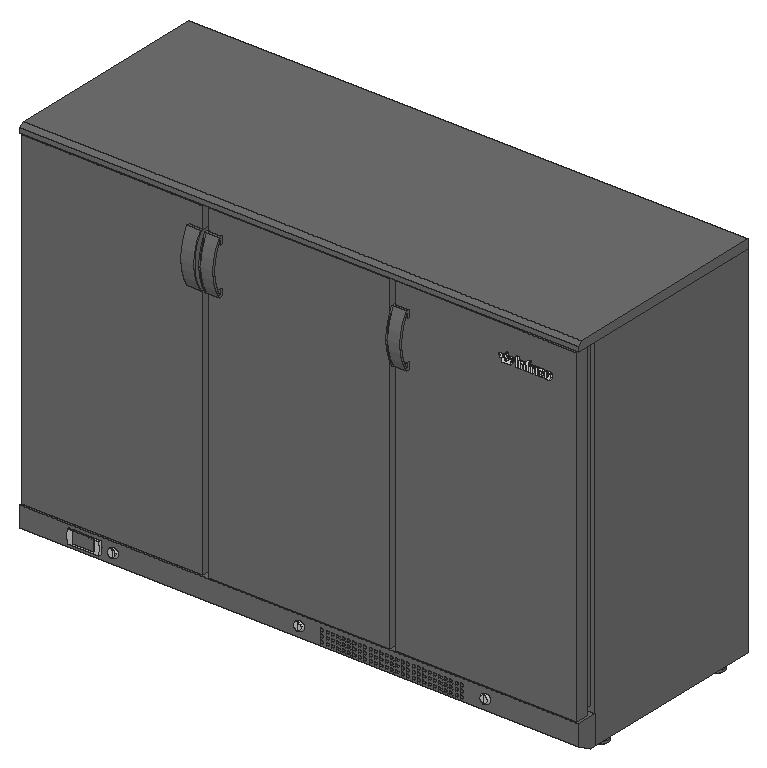
Revit family "QF_INFRICO_ERV35PP_250807091653", category Specialty Equipment, Revit 2021
Family settings
  Round Connector Dimension = Use Diameter
  Part Type = Normal
  OmniClass Number = 23.40.40.14
  OmniClass Title = Food Service Equipment
  Work Plane-Based = No
  Always vertical = Yes
  Cut with Voids When Loaded = No
  Shared = No
  Room Calculation Point = No
Parameters (values of type "ERV35PP")
  Weight [instance] = 116.002 kg
  Warranty Start Date [instance] = ""
  Warranty Duration [instance] = ""
  Volts [instance] = 230 V
  Volt Free Conn [instance] = no
  URL Recommended Spares List [instance] = ""
  URL Manufacturer [instance] = ""
  URL Cutsheet [instance] = ""
  URL Critical Spares List [instance] = ""
  URL = "www.infrico.com"
  Technical Documentation [instance] = ""
  Tag Number [instance] = ""
  Status [instance] = ""
  Start Up Current [instance] = 0 A
  Specification by User [instance] = ""
  Specification by Manufacturer [instance] = ""
  Sound Level [instance] = ""
  Show Logo [instance] = yes
  Show Clearances [instance] = yes
  Service Life Duration [instance] = ""
  Serial Number [instance] = ""
  Seismic Rating [instance] = ""
  SMACNA No [instance] = ""
  Revision Code [instance] = ""
  Revision [instance] = ""
  Production Year [instance] = ""
  Potential Equalisation [instance] = no
  Point Load [instance] = 0
  Phase [instance] = 1
  Other Equipment Approvals [instance] = ""
  Operational Current [instance] = 0 A
  Number of Poles [instance] = 2
  No Load Power Draw [instance] = no
  NAFEM Spec ID Number [instance] = ""
  Model Warning [instance] = ""
  Model = "ERV35PP"
  Min Ckt Ampacity [instance] = 0 A
  Max Overcurrent Protection [instance] = 0 A
  Masterspec [instance] = ""
  Manufacturer = "INFRICO"
  Main switch integrated [instance] = no
  Length Actual [instance] = 1350.01 mm
  Item Number [instance] = ""
  Installed By [instance] = ""
  Installation Date [instance] = ""
  Identify Quantity as Lot [instance] = no
  ID [instance] = ""
  Hygiene Approval [instance] = ""
  Height Actual [instance] = 919.988 mm
  HP power [instance] = ""
  Furnished By [instance] = ""
  Foodservice Equipment Identifier [instance] = no
  FL Amps [instance] = 0 A
  Electrical Remarks [instance] = ""
  Electric power [instance] = 260 W
  Electric Connection Type [instance] = ""
  Elec Conn RI Height [instance] = 0 mm
  Elec Conn Connection Height [instance] = 0 mm
  ETL Approved [instance] = no
  Description = "BACK-BAR 920 MM HEIGHT - THREE DOORS - R290"
  Depth Actual [instance] = 510.032 mm
  Default Elevation = 0 mm
  Cycle [instance] = 50 Hz
  Cost = 0
  Connection to energy optimisation system [instance] = yes
  Conn Plug [instance] = ""
  Conn Conduit [instance] = no
  Centralized building control system with digital interface [instance] = ""
  CSI MasterFormat [instance] = ""
  CE Approved [instance] = no
  Barcode [instance] = 0
  Author [instance] = ""
  Asset Identifier [instance] = ""
  Apparent Power [instance] = 260 VA
  Accessory [instance] = no
Reference planes
  plane 1 "Center (Front/Back)": y = 0
  plane 2: z = 0
  plane 3 "Center (Left/Right)": x = 0
Forms (mm)
  Extrusion 1, solid, not visible
    sketch origin (670.033, -2, 35.002) x (1, 0, 0) y (0, 1, 0)
      loop
        line (-2, 2) -> (-2, -2) -> (2, -2) -> (2, 2) -> (-2, 2)
    from -2 to 2
Dimensions and locks
  locked: Extrusion 1 to nested 2
  locked: nested 2 to Extrusion 1 at 2
  aligned and locked: level to plane 2
Nested families
  nested 1: "QF_INFRICO_ERV35PP_2920" at (0, 0, 0), type "ERV35PP"
    with Weight 116.002 kg, Warranty Start Date "", Warranty Duration "", URL Cutsheet "", Technical Documentation "", Tag Number "", Status "", Specification by User "", Specification by Manufacturer "", Sound Level "", Solid Fuel Type "", Show Logo yes, Show Clearances yes, Show Clearance yes, Service Life Duration "", Serial Number "", Seismic Rating "", SMACNA No "", Revision Code "", Revision "", Production Year "", Point Load 0, Other Equipment Approvals "", NAFEM Spec ID Number "", Model Warning "", Masterspec "", Length Actual 1350.01 mm, Item Number "", Installed By "", Installation Date "", Identify Quantity as Lot yes, ID "", Hygiene Approval "", Height Actual 919.988 mm, Furnished By "", Foodservice Equipment Identifier yes, ETL Approved yes, Depth Actual 510.032 mm, CSI MasterFormat "", CE Approved no, Barcode "", Author "", Asset Identifier "", Accessory no
  nested 2: "CONN_POINT_ELE_2D___Generic_Annotation" at (670.033, 0, 35.002), type "CONN_POINT_ELE_2D___Generic_Annotation"
    with Onboard connection annotation symbol visibility yes
Connectors
  electrical at (670.033, 0, 35.002), driven by "Apparent Power", driven by "Number of Poles", driven by "Volts"
    settings: on Extrusion 1, index 1, voltage 230 V, apparent load 0 VA, apparent load phase1 260 VA, apparent load phase2 0 VA, apparent load phase3 0 VA, power factor 1, load classification "Other", number of poles 2, system type 31, power factor state 1, is connector primary yes, connector utility no, sub classification motor no, connector description "Electrical connection for ERV35PP"
Definition of nested family "QF_INFRICO_ERV35PP_2920"
  Parameters (values of type "ERV35PP")
    Weight [instance] = 0.00 kg
    Warranty Start Date [instance] = ""
    Warranty Duration [instance] = ""
    URL Cutsheet [instance] = ""
    URL = "www.infrico.com"
    Technical Documentation [instance] = ""
    Tag Number [instance] = ""
    Status [instance] = ""
    Specification by User [instance] = ""
    Specification by Manufacturer [instance] = ""
    Sound Level [instance] = ""
    Solid Fuel Type [instance] = ""
    Show Logo [instance] = yes
    Show Clearances [instance] = yes
    Show Clearance [instance] = yes
    Service Life Duration [instance] = ""
    Serial Number [instance] = ""
    Seismic Rating [instance] = ""
    SMACNA No [instance] = ""
    Revision Code [instance] = ""
    Revision [instance] = ""
    Production Year [instance] = ""
    Point Load [instance] = 0
    Other Equipment Approvals [instance] = ""
    NAFEM Spec ID Number [instance] = ""
    Model Warning [instance] = ""
    Model = "ERV35PP"
    Masterspec [instance] = ""
    Manufacturer = "INFRICO"
    Length Actual [instance] = 0 mm
    Item Number [instance] = ""
    Installed By [instance] = ""
    Installation Date [instance] = ""
    Identify Quantity as Lot [instance] = yes
    ID [instance] = ""
    Hygiene Approval [instance] = ""
    Height Actual [instance] = 0 mm
    Furnished By [instance] = ""
    Foodservice Equipment Identifier [instance] = yes
    ETL Approved [instance] = yes
    Description = "BACK-BAR 920 MM HEIGHT - THREE DOORS - R290"
    Depth Actual [instance] = 0 mm
    Default Elevation = 0 mm
    CSI MasterFormat [instance] = ""
    CE Approved [instance] = yes
    Barcode [instance] = ""
    Author [instance] = ""
    Asset Identifier [instance] = ""
    Assembly Code = "E1090320"
    Accessory [instance] = yes
  Reference planes
    plane 1 "Back": y = 0
    plane 2: z = 0
    plane 3 "Left": x = 0
    plane 4 "Right": x = 1350
    plane 5 "Front": y = -510
    plane 6 "Top": z = 920
  Forms (mm)
    Extrusion 1, solid
      sketch origin (0, 0, -18) x (0, 1, 0) y (0, 0, 1)
        loop
          line (0, 905) -> (-460, 905) -> (-460, 30) -> (0, 30) -> (0, 905)
      from 0 to 30
    Extrusion 2, solid
      sketch origin (0, 0, -13) x (0, 1, 0) y (0, 0, 1)
        loop
          line (0, 900) -> (0, 920) -> (-500, 920) -> (-510, 910) -> (-510, 900) -> (0, 900)
      from 0 to 1350
    Extrusion 3, solid
      sketch origin (1320, 0, -18) x (0, 1, 0) y (0, 0, 1)
        loop
          line (0, 905) -> (-460, 905) -> (-460, 30) -> (0, 30) -> (0, 905)
      from 0 to 30
    Extrusion 4, solid
      sketch origin (0, 0, -13) x (1, 0, 0) y (0, 0, 1)
        loop
          line (30, 900) -> (30, 254) -> (1320, 254) -> (1320, 900) -> (30, 900)
      from 0 to 12
    Extrusion 5, solid
      sketch origin (0, 0, -13) x (1, 0, 0) y (0, 0, 1)
        loop
          line (30, 254) -> (30, 25) -> (1320, 25) -> (1320, 254) -> (30, 254)
      from 0 to 12
    Extrusion 6, solid
      sketch origin (0, 0, -13) x (0, 1, 0) y (0, 0, 1)
        loop
          line (-12, 25) -> (-12, 35) -> (-460, 35) -> (-460, 25) -> (-12, 25)
      from 30 to 1320
    Extrusion 7, solid
      sketch origin (0, 0, -112) x (0, 1, 0) y (0, 0, 1)
        loop
          line (-460, 144) -> (-510, 144) -> (-473, 124) -> (-460, 124) -> (-460, 144)
      from 0 to 1350
    Extrusion 8, solid
      sketch origin (-856, -515, -482) x (1, 0, 0) y (0, 0, -1)
        loop
          arc (974, -555) -> (1012.5, -557) -> (1051, -555) r 371.563
          arc (1051, -555) -> (1052, -539) -> (1051, -523) r 128.5
          arc (1051, -523) -> (1012.5, -521) -> (974, -523) r 371.563
          arc (974, -523) -> (973, -539) -> (974, -555) r 128.5
      from 0 to 5
    Extrusion 9, solid
      sketch origin (-856, -515.1, -482) x (1, 0, 0) y (0, 0, -1)
        loop
          line (1038, -528.124) -> (987, -528.124) -> (987, -556.124)
          arc (987, -556.124) -> (1012.5, -557) -> (1038, -556.124) r 371.563
          line (1038, -556.124) -> (1038, -528.124)
      from 0 to 2
    Extrusion 10, solid
      sketch origin (451, -480, -13) x (1, 0, 0) y (0, 0, 1)
        loop
          line (5, 897.5) -> (5, 97.5) -> (443, 97.5) -> (443, 897.5) -> (5, 897.5)
      from 0 to 30
    Extrusion 11, solid
      sketch origin (-549, -460, -13) x (1, 0, 0) y (0, 0, 1)
        loop
          line (1015, 887.5) -> (1015, 107.5) -> (1433, 107.5) -> (1433, 887.5) -> (1015, 887.5)
        loop
          line (1037, 865.5) -> (1037, 129.5) -> (1411, 129.5) -> (1411, 865.5) -> (1037, 865.5)
      from 0 to 20
    Extrusion 12, solid, visible <- "Show Logo"
      sketch origin (-3.231, -510, 106.214) x (1, 0, 0) y (0, 0, 1)
        loop
          line (1208.799, 696.53) -> (1208.799, 719.204) -> (1204.173, 719.204) -> (1204.173, 696.53) -> (1208.799, 696.53)
        loop
          line (1214.779, 713.006) -> (1211.283, 713.006) -> (1211.283, 696.53) -> (1215.772, 696.53) -> (1215.772, 707.832)
          arc (1215.772, 707.832) -> (1217.528, 708.741) -> (1219.417, 709.324) r 11.052
          arc (1219.417, 709.324) -> (1220.929, 708.961) -> (1221.598, 707.557) r 1.806
          line (1221.598, 707.557) -> (1221.598, 696.53) -> (1226.121, 696.53) -> (1226.121, 708.689)
          arc (1226.121, 708.689) -> (1224.637, 712.075) -> (1221.141, 713.281) r 4.607
          arc (1221.141, 713.281) -> (1218.282, 712.674) -> (1215.669, 711.361) r 11.435
          line (1215.669, 711.361) -> (1215.601, 712.184)
          arc (1215.601, 712.184) -> (1215.36, 712.765) -> (1214.779, 713.006) r 0.822
        loop
          line (1238.557, 720.102) -> (1237.306, 720.102)
          arc (1237.306, 720.102) -> (1235.052, 719.926) -> (1232.881, 719.297) r 11.103
          arc (1232.881, 719.297) -> (1230.805, 717.616) -> (1230.024, 715.062) r 4.567
          line (1230.024, 715.062) -> (1230.024, 712.909) -> (1227.351, 712.703) -> (1227.351, 709.374) -> (1230.024, 709.374) -> (1230.024, 696.53) -> (1234.547, 696.53) -> (1234.547, 709.374) -> (1238.249, 709.374) -> (1238.249, 712.938) -> (1234.547, 712.938) -> (1234.547, 714.548)
          arc (1234.547, 714.548) -> (1234.956, 715.705) -> (1236.045, 716.271) r 1.67
          line (1236.045, 716.271) -> (1237.7, 716.399)
          arc (1237.7, 716.399) -> (1238.306, 716.65) -> (1238.557, 717.255) r 0.857
          line (1238.557, 717.255) -> (1238.557, 720.102)
        loop
          line (1239.479, 713.006) -> (1239.479, 696.53) -> (1243.968, 696.53) -> (1243.968, 707.352)
          arc (1243.968, 707.352) -> (1245.873, 708.631) -> (1248.077, 709.268) r 7.435
          line (1248.077, 709.268) -> (1249.241, 709.416)
          arc (1249.241, 709.416) -> (1249.643, 709.758) -> (1249.793, 710.265) r 0.928
          line (1249.793, 710.265) -> (1249.793, 712.458)
          arc (1249.793, 712.458) -> (1249.531, 713.061) -> (1248.912, 713.28) r 0.824
          arc (1248.912, 713.28) -> (1246.197, 712.588) -> (1243.899, 710.984) r 7.833
          line (1243.899, 710.984) -> (1243.726, 713.006) -> (1239.479, 713.006)
        loop
          line (1255.495, 696.53) -> (1255.495, 713.006) -> (1251.006, 713.006) -> (1251.006, 696.53) -> (1255.495, 696.53)
        loop
          arc (1257.421, 701.327) -> (1258.567, 698.188) -> (1261.466, 696.525) r 4.873
          arc (1261.466, 696.525) -> (1264.493, 696.266) -> (1267.521, 696.525) r 17.816
          arc (1267.521, 696.525) -> (1270.575, 699.134) -> (1271.505, 703.041) r 6.481
          line (1271.505, 703.041) -> (1267.187, 703.041) -> (1267.187, 701.67)
          arc (1267.187, 701.67) -> (1266.64, 700.452) -> (1265.442, 699.865) r 1.965
          arc (1265.442, 699.865) -> (1264.547, 699.816) -> (1263.653, 699.865) r 8.196
          arc (1263.653, 699.865) -> (1262.417, 700.415) -> (1261.91, 701.67) r 1.806
          line (1261.91, 701.67) -> (1261.91, 707.9)
          arc (1261.91, 707.9) -> (1262.417, 709.155) -> (1263.653, 709.705) r 1.806
          arc (1263.653, 709.705) -> (1264.547, 709.754) -> (1265.442, 709.705) r 8.196
          arc (1265.442, 709.705) -> (1266.64, 709.118) -> (1267.187, 707.9) r 1.965
          line (1267.187, 707.9) -> (1267.187, 706.838) -> (1271.505, 706.838)
          arc (1271.505, 706.838) -> (1270.524, 710.556) -> (1267.521, 712.959) r 6.132
          arc (1267.521, 712.959) -> (1264.493, 713.294) -> (1261.466, 712.959) r 13.851
          arc (1261.466, 712.959) -> (1258.571, 711.349) -> (1257.421, 708.243) r 4.772
          line (1257.421, 708.243) -> (1257.421, 701.327)
        loop
          arc (1272.916, 701.329) -> (1273.993, 698.345) -> (1276.726, 696.734) r 4.676
          arc (1276.726, 696.734) -> (1278.515, 696.455) -> (1280.318, 696.291) r 28.371
          arc (1280.318, 696.291) -> (1282.122, 696.455) -> (1283.911, 696.734) r 28.371
          arc (1283.911, 696.734) -> (1286.644, 698.345) -> (1287.72, 701.329) r 4.676
          line (1287.72, 701.329) -> (1287.72, 708.242)
          arc (1287.72, 708.242) -> (1286.644, 711.226) -> (1283.911, 712.837) r 4.676
          arc (1283.911, 712.837) -> (1282.122, 713.116) -> (1280.318, 713.28) r 28.371
          arc (1280.318, 713.28) -> (1278.515, 713.116) -> (1276.726, 712.837) r 28.371
          arc (1276.726, 712.837) -> (1273.993, 711.226) -> (1272.916, 708.242) r 4.676
          line (1272.916, 708.242) -> (1272.916, 701.329)
        loop
          line (1277.405, 707.866) -> (1277.405, 701.705)
          arc (1277.405, 701.705) -> (1277.844, 700.556) -> (1278.936, 699.991) r 1.725
          arc (1278.936, 699.991) -> (1279.627, 699.918) -> (1280.318, 699.856) r 46.133
          arc (1280.318, 699.856) -> (1281.01, 699.918) -> (1281.701, 699.991) r 46.133
          arc (1281.701, 699.991) -> (1282.793, 700.556) -> (1283.231, 701.705) r 1.725
          line (1283.231, 701.705) -> (1283.231, 707.866)
          arc (1283.231, 707.866) -> (1282.793, 709.015) -> (1281.701, 709.58) r 1.725
          arc (1281.701, 709.58) -> (1281.01, 709.653) -> (1280.318, 709.716) r 46.133
          arc (1280.318, 709.716) -> (1279.627, 709.653) -> (1278.936, 709.58) r 46.133
          arc (1278.936, 709.58) -> (1277.844, 709.015) -> (1277.405, 707.866) r 1.725
        loop
          arc (1190.339, 696.543) -> (1191.411, 696.987) -> (1191.856, 698.059) r 1.516
          line (1191.856, 698.059) -> (1191.856, 703.891) -> (1196.035, 703.891)
          arc (1196.035, 703.891) -> (1196.79, 704.121) -> (1197.218, 704.782) r 1.147
          line (1197.218, 704.782) -> (1197.218, 706.211)
          arc (1197.218, 706.211) -> (1196.787, 707.258) -> (1195.719, 707.634) r 1.385
          line (1195.719, 707.634) -> (1194.52, 707.634) -> (1197.218, 710.332)
          arc (1197.218, 710.332) -> (1197.605, 711.266) -> (1197.218, 712.2) r 1.321
          line (1197.218, 712.2) -> (1196.495, 712.923)
          arc (1196.495, 712.923) -> (1195.54, 713.338) -> (1194.558, 712.991) r 1.422
          line (1194.558, 712.991) -> (1191.853, 710.286) -> (1191.853, 711.479)
          arc (1191.853, 711.479) -> (1191.443, 712.516) -> (1190.435, 712.992) r 1.516
          line (1190.435, 712.992) -> (1189.514, 712.992)
          arc (1189.514, 712.992) -> (1188.511, 712.514) -> (1188.103, 711.479) r 1.516
          line (1188.103, 711.479) -> (1188.103, 706.83) -> (1182.073, 701.336) -> (1182.073, 707.509) -> (1185.639, 711.075)
          arc (1185.639, 711.075) -> (1186.053, 712.073) -> (1185.639, 713.071) r 1.412
          line (1185.639, 713.071) -> (1184.987, 713.723)
          arc (1184.987, 713.723) -> (1183.939, 714.141) -> (1182.915, 713.667) r 1.428
          line (1182.915, 713.667) -> (1182.073, 712.825) -> (1182.073, 717.784)
          arc (1182.073, 717.784) -> (1181.658, 718.787) -> (1180.655, 719.203) r 1.418
          line (1180.655, 719.203) -> (1179.726, 719.203)
          arc (1179.726, 719.203) -> (1178.723, 718.787) -> (1178.308, 717.784) r 1.418
          line (1178.308, 717.784) -> (1178.308, 712.825) -> (1177.466, 713.667)
          arc (1177.466, 713.667) -> (1176.442, 714.141) -> (1175.394, 713.723) r 1.428
          line (1175.394, 713.723) -> (1174.742, 713.071)
          arc (1174.742, 713.071) -> (1174.328, 712.073) -> (1174.742, 711.075) r 1.412
          line (1174.742, 711.075) -> (1178.308, 707.509) -> (1178.308, 701.336) -> (1172.278, 706.83) -> (1172.278, 711.479)
          arc (1172.278, 711.479) -> (1171.87, 712.514) -> (1170.867, 712.992) r 1.516
          line (1170.867, 712.992) -> (1169.946, 712.992)
          arc (1169.946, 712.992) -> (1168.938, 712.516) -> (1168.528, 711.479) r 1.516
          line (1168.528, 711.479) -> (1168.528, 710.286) -> (1165.823, 712.991)
          arc (1165.823, 712.991) -> (1164.841, 713.338) -> (1163.886, 712.923) r 1.422
          line (1163.886, 712.923) -> (1163.163, 712.2)
          arc (1163.163, 712.2) -> (1162.776, 711.266) -> (1163.163, 710.332) r 1.321
          line (1163.163, 710.332) -> (1165.861, 707.634) -> (1164.662, 707.634)
          arc (1164.662, 707.634) -> (1163.594, 707.258) -> (1163.163, 706.211) r 1.385
          line (1163.163, 706.211) -> (1163.163, 704.782)
          arc (1163.163, 704.782) -> (1163.591, 704.121) -> (1164.346, 703.891) r 1.147
          line (1164.346, 703.891) -> (1168.525, 703.891) -> (1168.525, 698.059)
          arc (1168.525, 698.059) -> (1168.969, 696.987) -> (1170.042, 696.543) r 1.516
          line (1170.042, 696.543) -> (1190.339, 696.543)
      from 0 to 2
    Extrusion 13, solid
      sketch origin (-549, -510, -63) x (1, 0, 0) y (0, 0, 1)
        loop
          line (1005, 897.5) -> (1005, 895.5) -> (1037, 880.5) -> (1037, 897.5) -> (1005, 897.5)
      from 0 to 3
    Extrusion 14, solid
      sketch origin (-549, -510, 1602) x (1, 0, 0) y (0, 0, 1)
        loop
          line (1005, -897.5) -> (1037, -897.5) -> (1037, -880.5) -> (1005, -895.5) -> (1005, -897.5)
      from 0 to 3
    Extrusion 15, solid
      sketch origin (-549, 0, -13) x (0, 1, 0) y (0, 0, 1)
        loop
          line (-513, 845.5) -> (-513, 847.5) -> (-518.104, 847.5)
          arc (-518.104, 847.5) -> (-537.038, 782.5) -> (-518.104, 717.5) r 121.038
          line (-518.104, 717.5) -> (-513, 717.5) -> (-513, 719.5) -> (-517, 719.5)
          arc (-517, 719.5) -> (-535.038, 782.5) -> (-517, 845.5) r 119.038
          line (-517, 845.5) -> (-513, 845.5)
      from 1005 to 1037
    Extrusion 16, solid
      sketch origin (-549, 0, 584.5) x (1, 0, 0) y (0, 1, 0)
        loop
          line (1005, -513) -> (1005, -487) -> (1002, -490) -> (1002, -513) -> (1005, -513)
      from 120 to 250
    Extrusion 17, solid
      sketch origin (-549, 0, -13) x (0, 1, 0) y (0, 0, 1)
        loop
          line (-513, 847.5) -> (-518.104, 847.5)
          arc (-518.104, 847.5) -> (-537.038, 782.5) -> (-518.104, 717.5) r 121.038
          line (-518.104, 717.5) -> (-513, 717.5) -> (-513, 847.5)
      from 1002 to 1005
    Revolve 18, solid
      sketch origin (15, -70, 0) x (0, 1, 0) y (0, 0, 1)
        loop
          line (0, 0) -> (0, 12) -> (-5, 12) -> (-5, 9.5) -> (-13, 9.5)
          arc (-13, 9.5) -> (-14.414, 8.914) -> (-15, 7.5) r 2
          line (-15, 7.5) -> (-15, 2.5) -> (-12, 2.5) -> (-12, 0) -> (0, 0)
        axis (0, 0) -> (0, 12)
      angle from 0 to 360
    Revolve 19, solid
      sketch origin (15, -420, 0) x (0, 1, 0) y (0, 0, 1)
        loop
          line (0, 0) -> (0, 12) -> (-5, 12) -> (-5, 9.5) -> (-13, 9.5)
          arc (-13, 9.5) -> (-14.414, 8.914) -> (-15, 7.5) r 2
          line (-15, 7.5) -> (-15, 2.5) -> (-12, 2.5) -> (-12, 0) -> (0, 0)
        axis (0, 0) -> (0, 12)
      angle from 0 to 360
    Revolve 20, solid
      sketch origin (1335, -70, 0) x (0, 1, 0) y (0, 0, 1)
        loop
          line (0, 0) -> (0, 12) -> (-5, 12) -> (-5, 9.5) -> (-13, 9.5)
          arc (-13, 9.5) -> (-14.414, 8.914) -> (-15, 7.5) r 2
          line (-15, 7.5) -> (-15, 2.5) -> (-12, 2.5) -> (-12, 0) -> (0, 0)
        axis (0, 0) -> (0, 12)
      angle from 0 to 360
    Revolve 21, solid
      sketch origin (1335, -420, 0) x (0, 1, 0) y (0, 0, 1)
        loop
          line (0, 0) -> (0, 12) -> (-5, 12) -> (-5, 9.5) -> (-13, 9.5)
          arc (-13, 9.5) -> (-14.414, 8.914) -> (-15, 7.5) r 2
          line (-15, 7.5) -> (-15, 2.5) -> (-12, 2.5) -> (-12, 0) -> (0, 0)
        axis (0, 0) -> (0, 12)
      angle from 0 to 360
    Revolve 22, solid
      sketch origin (225, 0, 13.5) x (0, 1, 0) y (0, 0, 1)
        loop
          line (-515, 34.5) -> (-510, 32) -> (-510, 43.5) -> (-515, 43.5) -> (-515, 34.5)
        axis (-510, 43.5) -> (-515, 43.5)
      angle from 0 to 360
    Revolve 23, solid
      sketch origin (675, 0, 13.5) x (0, 1, 0) y (0, 0, -1)
        loop
          line (-515, -34.5) -> (-515, -43.5) -> (-510, -43.5) -> (-510, -32) -> (-515, -34.5)
        axis (-510, -43.5) -> (-515, -43.5)
      angle from 0 to 360
    Extrusion 24, solid
      sketch origin (0, 0, 0) x (0, 1, 0) y (0, 0, 1)
        loop
          line (-460, 887) -> (-460, 837) -> (-458, 837) -> (-458, 887) -> (-460, 887)
      from 30 to 1320
    Extrusion 25, solid
      sketch origin (0, 0, -815) x (0, 1, 0) y (0, 0, 1)
        loop
          line (-460, 947) -> (-460, 837) -> (-458, 837) -> (-458, 947) -> (-460, 947)
      from 30 to 1320
    Extrusion 26, solid
      sketch origin (-413, 0, 1312) x (1, 0, 0) y (0, 1, 0)
        loop
          line (887, -460) -> (887, -458) -> (837, -458) -> (837, -460) -> (887, -460)
      from -1180 to -475
    Extrusion 27, solid
      sketch origin (447, -480, -13) x (-1, 0, 0) y (0, 0, -1)
        loop
          line (5, -897.5) -> (443, -897.5) -> (443, -97.5) -> (5, -97.5) -> (5, -897.5)
      from 0 to 30
    Extrusion 28, solid
      sketch origin (1447, -460, -13) x (-1, 0, 0) y (0, 0, -1)
        loop
          line (1015, -887.5) -> (1433, -887.5) -> (1433, -107.5) -> (1015, -107.5) -> (1015, -887.5)
        loop
          line (1037, -865.5) -> (1411, -865.5) -> (1411, -129.5) -> (1037, -129.5) -> (1037, -865.5)
      from 0 to 20
    Extrusion 29, solid
      sketch origin (1447, -510, -63) x (-1, 0, 0) y (0, 0, -1)
        loop
          line (1005, -897.5) -> (1037, -897.5) -> (1037, -880.5) -> (1005, -895.5) -> (1005, -897.5)
      from 0 to 3
    Extrusion 30, solid
      sketch origin (1447, -510, 1602) x (-1, 0, 0) y (0, 0, -1)
        loop
          line (1005, 897.5) -> (1005, 895.5) -> (1037, 880.5) -> (1037, 897.5) -> (1005, 897.5)
      from 0 to 3
    Extrusion 31, solid
      sketch origin (1447, 0, -13) x (0, 1, 0) y (0, 0, -1)
        loop
          line (-513, -845.5) -> (-517, -845.5)
          arc (-517, -845.5) -> (-535.038, -782.5) -> (-517, -719.5) r 119.038
          line (-517, -719.5) -> (-513, -719.5) -> (-513, -717.5) -> (-518.104, -717.5)
          arc (-518.104, -717.5) -> (-537.038, -782.5) -> (-518.104, -847.5) r 121.038
          line (-518.104, -847.5) -> (-513, -847.5) -> (-513, -845.5)
      from 1005 to 1037
    Extrusion 32, solid
      sketch origin (1447, 0, 584.5) x (-1, 0, 0) y (0, -1, 0)
        loop
          line (1005, 513) -> (1002, 513) -> (1002, 490) -> (1005, 487) -> (1005, 513)
      from 120 to 250
    Extrusion 33, solid
      sketch origin (1447, 0, -13) x (0, 1, 0) y (0, 0, -1)
        loop
          line (-513, -847.5) -> (-513, -717.5) -> (-518.104, -717.5)
          arc (-518.104, -717.5) -> (-537.038, -782.5) -> (-518.104, -847.5) r 121.038
          line (-518.104, -847.5) -> (-513, -847.5)
      from 1002 to 1005
    Extrusion 34, solid, visible <- "Show Clearance", detail levels coarse
      sketch origin (-1, 0, 0) x (1, 0, 0) y (0, 1, 0)
        loop
          line (5, -510) -> (5, -918) -> (35, -918)
          arc (35, -918) -> (323.5, -798.5) -> (443, -510) r 408
          line (443, -510) -> (5, -510)
      from 84.5 to 884.5
    Extrusion 35, solid, visible <- "Show Clearance", detail levels coarse
      sketch origin (899, 0, 0) x (-1, 0, 0) y (0, -1, 0)
        loop
          line (5, 510) -> (443, 510)
          arc (443, 510) -> (323.5, 798.5) -> (35, 918) r 408
          line (35, 918) -> (5, 918) -> (5, 510)
      from 84.5 to 884.5
    Revolve 36, solid
      sketch origin (1125, 0, 13.5) x (0, 1, 0) y (0, 0, -1)
        loop
          line (-515, -34.5) -> (-515, -43.5) -> (-510, -43.5) -> (-510, -32) -> (-515, -34.5)
        axis (-510, -43.5) -> (-515, -43.5)
      angle from 0 to 360
    Extrusion 37, solid
      sketch origin (903, -480, -13) x (1, 0, 0) y (0, 0, 1)
        loop
          line (5, 897.5) -> (5, 97.5) -> (443, 97.5) -> (443, 897.5) -> (5, 897.5)
      from 0 to 30
    Extrusion 38, solid
      sketch origin (-97, -460, -13) x (1, 0, 0) y (0, 0, 1)
        loop
          line (1015, 887.5) -> (1015, 107.5) -> (1433, 107.5) -> (1433, 887.5) -> (1015, 887.5)
        loop
          line (1037, 865.5) -> (1037, 129.5) -> (1411, 129.5) -> (1411, 865.5) -> (1037, 865.5)
      from 0 to 20
    Extrusion 39, solid
      sketch origin (-97, -510, -63) x (1, 0, 0) y (0, 0, 1)
        loop
          line (1005, 897.5) -> (1005, 895.5) -> (1037, 880.5) -> (1037, 897.5) -> (1005, 897.5)
      from 0 to 3
    Extrusion 40, solid
      sketch origin (-97, -510, 1602) x (1, 0, 0) y (0, 0, 1)
        loop
          line (1005, -897.5) -> (1037, -897.5) -> (1037, -880.5) -> (1005, -895.5) -> (1005, -897.5)
      from 0 to 3
    Extrusion 41, solid
      sketch origin (-97, 0, -13) x (0, 1, 0) y (0, 0, 1)
        loop
          line (-513, 845.5) -> (-513, 847.5) -> (-518.104, 847.5)
          arc (-518.104, 847.5) -> (-537.038, 782.5) -> (-518.104, 717.5) r 121.038
          line (-518.104, 717.5) -> (-513, 717.5) -> (-513, 719.5) -> (-517, 719.5)
          arc (-517, 719.5) -> (-535.038, 782.5) -> (-517, 845.5) r 119.038
          line (-517, 845.5) -> (-513, 845.5)
      from 1005 to 1037
    Extrusion 42, solid
      sketch origin (-97, 0, 584.5) x (1, 0, 0) y (0, 1, 0)
        loop
          line (1005, -513) -> (1005, -487) -> (1002, -490) -> (1002, -513) -> (1005, -513)
      from 120 to 250
    Extrusion 43, solid
      sketch origin (-97, 0, -13) x (0, 1, 0) y (0, 0, 1)
        loop
          line (-513, 847.5) -> (-518.104, 847.5)
          arc (-518.104, 847.5) -> (-537.038, 782.5) -> (-518.104, 717.5) r 121.038
          line (-518.104, 717.5) -> (-513, 717.5) -> (-513, 847.5)
      from 1002 to 1005
    Extrusion 44, solid, visible <- "Show Clearance", detail levels coarse
      sketch origin (1351, 0, 0) x (-1, 0, 0) y (0, -1, 0)
        loop
          line (5, 510) -> (443, 510)
          arc (443, 510) -> (323.5, 798.5) -> (35, 918) r 408
          line (35, 918) -> (5, 918) -> (5, 510)
      from 84.5 to 884.5
    Extrusion 45, solid
      sketch origin (1763, 0, 1312) x (1, 0, 0) y (0, 1, 0)
        loop
          line (-887, -460) -> (-837, -460) -> (-837, -458) -> (-887, -458) -> (-887, -460)
      from -1180 to -475
    Extrusion 46, solid
      sketch origin (-1000, 0, 0) x (1, 0, 0) y (0, 0, 1)
        loop
          line (1000, 82) -> (1000, 32) -> (2350, 32) -> (2350, 82) -> (1000, 82)
        loop
          line (1727, 70) -> (1727, 62) -> (1735, 62) -> (1735, 70) -> (1727, 70)
        loop
          line (1740, 70) -> (1740, 62) -> (1748, 62) -> (1748, 70) -> (1740, 70)
        loop
          line (1753, 70) -> (1753, 62) -> (1761, 62) -> (1761, 70) -> (1753, 70)
        loop
          line (1766, 70) -> (1766, 62) -> (1774, 62) -> (1774, 70) -> (1766, 70)
        loop
          line (1779, 70) -> (1779, 62) -> (1787, 62) -> (1787, 70) -> (1779, 70)
        loop
          line (1792, 70) -> (1792, 62) -> (1800, 62) -> (1800, 70) -> (1792, 70)
        loop
          line (1805, 70) -> (1805, 62) -> (1813, 62) -> (1813, 70) -> (1805, 70)
        loop
          line (1818, 70) -> (1818, 62) -> (1826, 62) -> (1826, 70) -> (1818, 70)
        loop
          line (1831, 70) -> (1831, 62) -> (1839, 62) -> (1839, 70) -> (1831, 70)
        loop
          line (1844, 70) -> (1844, 62) -> (1852, 62) -> (1852, 70) -> (1844, 70)
        loop
          line (1857, 70) -> (1857, 62) -> (1865, 62) -> (1865, 70) -> (1857, 70)
        loop
          line (1727, 57) -> (1727, 49) -> (1735, 49) -> (1735, 57) -> (1727, 57)
        loop
          line (1740, 57) -> (1740, 49) -> (1748, 49) -> (1748, 57) -> (1740, 57)
        loop
          line (1753, 57) -> (1753, 49) -> (1761, 49) -> (1761, 57) -> (1753, 57)
        loop
          line (1766, 57) -> (1766, 49) -> (1774, 49) -> (1774, 57) -> (1766, 57)
        loop
          line (1779, 57) -> (1779, 49) -> (1787, 49) -> (1787, 57) -> (1779, 57)
        loop
          line (1792, 57) -> (1792, 49) -> (1800, 49) -> (1800, 57) -> (1792, 57)
        loop
          line (1805, 57) -> (1805, 49) -> (1813, 49) -> (1813, 57) -> (1805, 57)
        loop
          line (1818, 57) -> (1818, 49) -> (1826, 49) -> (1826, 57) -> (1818, 57)
        loop
          line (1831, 57) -> (1831, 49) -> (1839, 49) -> (1839, 57) -> (1831, 57)
        loop
          line (1844, 57) -> (1844, 49) -> (1852, 49) -> (1852, 57) -> (1844, 57)
        loop
          line (1857, 57) -> (1857, 49) -> (1865, 49) -> (1865, 57) -> (1857, 57)
        loop
          line (1727, 44) -> (1727, 36) -> (1735, 36) -> (1735, 44) -> (1727, 44)
        loop
          line (1740, 44) -> (1740, 36) -> (1748, 36) -> (1748, 44) -> (1740, 44)
        loop
          line (1753, 44) -> (1753, 36) -> (1761, 36) -> (1761, 44) -> (1753, 44)
        loop
          line (1766, 44) -> (1766, 36) -> (1774, 36) -> (1774, 44) -> (1766, 44)
        loop
          line (1779, 44) -> (1779, 36) -> (1787, 36) -> (1787, 44) -> (1779, 44)
        loop
          line (1792, 44) -> (1792, 36) -> (1800, 36) -> (1800, 44) -> (1792, 44)
        loop
          line (1805, 44) -> (1805, 36) -> (1813, 36) -> (1813, 44) -> (1805, 44)
        loop
          line (1818, 44) -> (1818, 36) -> (1826, 36) -> (1826, 44) -> (1818, 44)
        loop
          line (1831, 44) -> (1831, 36) -> (1839, 36) -> (1839, 44) -> (1831, 44)
        loop
          line (1844, 44) -> (1844, 36) -> (1852, 36) -> (1852, 44) -> (1844, 44)
        loop
          line (1857, 44) -> (1857, 36) -> (1865, 36) -> (1865, 44) -> (1857, 44)
        loop
          line (1870, 70) -> (1870, 62) -> (1878, 62) -> (1878, 70) -> (1870, 70)
        loop
          line (1883, 70) -> (1883, 62) -> (1891, 62) -> (1891, 70) -> (1883, 70)
        loop
          line (1896, 70) -> (1896, 62) -> (1904, 62) -> (1904, 70) -> (1896, 70)
        loop
          line (1909, 70) -> (1909, 62) -> (1917, 62) -> (1917, 70) -> (1909, 70)
        loop
          line (1922, 70) -> (1922, 62) -> (1930, 62) -> (1930, 70) -> (1922, 70)
        loop
          line (1935, 70) -> (1935, 62) -> (1943, 62) -> (1943, 70) -> (1935, 70)
        loop
          line (1948, 70) -> (1948, 62) -> (1956, 62) -> (1956, 70) -> (1948, 70)
        loop
          line (1961, 70) -> (1961, 62) -> (1969, 62) -> (1969, 70) -> (1961, 70)
        loop
          line (1974, 70) -> (1974, 62) -> (1982, 62) -> (1982, 70) -> (1974, 70)
        loop
          line (1987, 70) -> (1987, 62) -> (1995, 62) -> (1995, 70) -> (1987, 70)
        loop
          line (2000, 70) -> (2000, 62) -> (2008, 62) -> (2008, 70) -> (2000, 70)
        loop
          line (1870, 57) -> (1870, 49) -> (1878, 49) -> (1878, 57) -> (1870, 57)
        loop
          line (1883, 57) -> (1883, 49) -> (1891, 49) -> (1891, 57) -> (1883, 57)
        loop
          line (1896, 57) -> (1896, 49) -> (1904, 49) -> (1904, 57) -> (1896, 57)
        loop
          line (1909, 57) -> (1909, 49) -> (1917, 49) -> (1917, 57) -> (1909, 57)
        loop
          line (1922, 57) -> (1922, 49) -> (1930, 49) -> (1930, 57) -> (1922, 57)
        loop
          line (1935, 57) -> (1935, 49) -> (1943, 49) -> (1943, 57) -> (1935, 57)
        loop
          line (1948, 57) -> (1948, 49) -> (1956, 49) -> (1956, 57) -> (1948, 57)
        loop
          line (1961, 57) -> (1961, 49) -> (1969, 49) -> (1969, 57) -> (1961, 57)
        loop
          line (1974, 57) -> (1974, 49) -> (1982, 49) -> (1982, 57) -> (1974, 57)
        loop
          line (1987, 57) -> (1987, 49) -> (1995, 49) -> (1995, 57) -> (1987, 57)
        loop
          line (2000, 57) -> (2000, 49) -> (2008, 49) -> (2008, 57) -> (2000, 57)
        loop
          line (1870, 44) -> (1870, 36) -> (1878, 36) -> (1878, 44) -> (1870, 44)
        loop
          line (1883, 44) -> (1883, 36) -> (1891, 36) -> (1891, 44) -> (1883, 44)
        loop
          line (1896, 44) -> (1896, 36) -> (1904, 36) -> (1904, 44) -> (1896, 44)
        loop
          line (1909, 44) -> (1909, 36) -> (1917, 36) -> (1917, 44) -> (1909, 44)
        loop
          line (1922, 44) -> (1922, 36) -> (1930, 36) -> (1930, 44) -> (1922, 44)
        loop
          line (1935, 44) -> (1935, 36) -> (1943, 36) -> (1943, 44) -> (1935, 44)
        loop
          line (1948, 44) -> (1948, 36) -> (1956, 36) -> (1956, 44) -> (1948, 44)
        loop
          line (1961, 44) -> (1961, 36) -> (1969, 36) -> (1969, 44) -> (1961, 44)
        loop
          line (1974, 44) -> (1974, 36) -> (1982, 36) -> (1982, 44) -> (1974, 44)
        loop
          line (1987, 44) -> (1987, 36) -> (1995, 36) -> (1995, 44) -> (1987, 44)
        loop
          line (2000, 44) -> (2000, 36) -> (2008, 36) -> (2008, 44) -> (2000, 44)
        loop
          line (2013, 70) -> (2013, 62) -> (2021, 62) -> (2021, 70) -> (2013, 70)
        loop
          line (2026, 70) -> (2026, 62) -> (2034, 62) -> (2034, 70) -> (2026, 70)
        loop
          line (2039, 70) -> (2039, 62) -> (2047, 62) -> (2047, 70) -> (2039, 70)
        loop
          line (2052, 70) -> (2052, 62) -> (2060, 62) -> (2060, 70) -> (2052, 70)
        loop
          line (2065, 70) -> (2065, 62) -> (2073, 62) -> (2073, 70) -> (2065, 70)
        loop
          line (2013, 57) -> (2013, 49) -> (2021, 49) -> (2021, 57) -> (2013, 57)
        loop
          line (2026, 57) -> (2026, 49) -> (2034, 49) -> (2034, 57) -> (2026, 57)
        loop
          line (2039, 57) -> (2039, 49) -> (2047, 49) -> (2047, 57) -> (2039, 57)
        loop
          line (2052, 57) -> (2052, 49) -> (2060, 49) -> (2060, 57) -> (2052, 57)
        loop
          line (2065, 57) -> (2065, 49) -> (2073, 49) -> (2073, 57) -> (2065, 57)
        loop
          line (2013, 44) -> (2013, 36) -> (2021, 36) -> (2021, 44) -> (2013, 44)
        loop
          line (2026, 44) -> (2026, 36) -> (2034, 36) -> (2034, 44) -> (2026, 44)
        loop
          line (2039, 44) -> (2039, 36) -> (2047, 36) -> (2047, 44) -> (2039, 44)
        loop
          line (2052, 44) -> (2052, 36) -> (2060, 36) -> (2060, 44) -> (2052, 44)
        loop
          line (2065, 44) -> (2065, 36) -> (2073, 36) -> (2073, 44) -> (2065, 44)
      from 460 to 510
  Cuts and joins
    joined: Extrusion 13, Extrusion 14, Extrusion 15, Extrusion 16, Extrusion 17
    joined: Extrusion 29, Extrusion 30, Extrusion 31, Extrusion 32, Extrusion 33
    joined: Extrusion 24, Extrusion 25, Extrusion 26, Extrusion 45
    joined: Extrusion 39, Extrusion 40, Extrusion 41, Extrusion 42, Extrusion 43
    joined: Extrusion 7, Extrusion 46
  Lines and regions (mm)
    symbolic lines
      curve 1: line (0, 0, 0) -> (1350, 0, 0)
      curve 2: line (0, -510, 0) -> (0, 0, 0)
      curve 3: line (1350, -510, 0) -> (0, -510, 0)
      curve 4: line (1350, 0, 0) -> (1350, -510, 0)
      curve 5: line (0, -500, 0) -> (1350, -500, 0)
    symbolic lines, visible <- "Show Clearance"
      curve 6: line (4, -510, 0) -> (4, -918, 0)
      curve 7: line (4, -918, 0) -> (34, -918, 0)
      curve 8: arc (34, -918, 0) -> (322.5, -798.5, 0) -> (442, -510, 0) r 408
      curve 9: arc (456, -510, 0) -> (575.5, -798.5, 0) -> (864, -918, 0) r 408
      curve 10: line (864, -918, 0) -> (894, -918, 0)
      curve 11: line (894, -918, 0) -> (894, -510, 0)
      curve 12: arc (908, -510, 0) -> (1027.5, -798.5, 0) -> (1316, -918, 0) r 408
      curve 13: line (1316, -918, 0) -> (1346, -918, 0)
      curve 14: line (1346, -918, 0) -> (1346, -510, 0)
  Dimensions and locks
    plane 1 "Back" to plane 5 "Front" = 510 mm  (x2)
    plane 3 "Left" to plane 4 "Right" = 1350 mm
    plane 6 "Top" to level = 920 mm  (x2)
    plane 4 "Right" to plane 3 "Left" = 1350 mm
    aligned and locked: level to plane 2
Definition of nested family "CONN_POINT_ELE_2D___Generic_Annotation"
  Parameters (values of type "CONN_POINT_ELE_2D___Generic_Annotation")
    Onboard connection annotation symbol visibility [instance] = yes
  Reference planes
    plane 1: y = 0
    plane 2: x = 0
  Lines and regions (mm)
    detail lines, visible <- "Onboard connection annotation symbol visibility"
      curve 1: circle (0, 0, 0) r 0.5 normal (0, 0, 1)
      curve 2: line (-1, 0, 0) -> (1, 0, 0)
      curve 3: line (0, 1, 0) -> (0, -1, 0)
      curve 4: line (2.5, 1, 0) -> (1.25, 1, 0)
      curve 5: line (1.25, 1, 0) -> (1.25, -1, 0)
      curve 6: line (1.25, -1, 0) -> (2.5, -1, 0)
      curve 7: line (1.25, 0, 0) -> (2, 0, 0)
